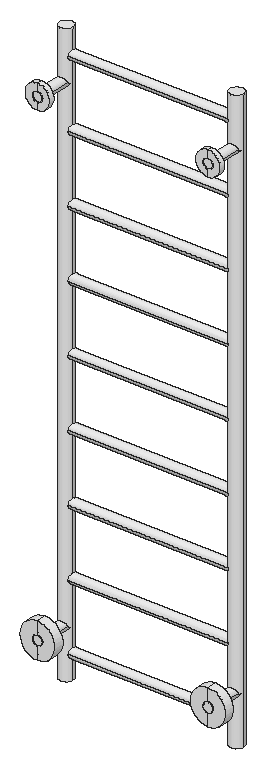
Revit family "LS-9", category Generic Models, host Wall, Revit 2017
Family settings
  Host = Wall
  Can host rebar = No
  Round Connector Dimension = Use Diameter
  Part Type = Normal
  Always vertical = Yes
  Cut with Voids When Loaded = No
  Shared = No
  Room Calculation Point = No
Parameters (values of type "350")
  URL = "http://www.sentakia.com/vesikiertoiset-pyyhekuivaimet/"
  Teho = "kromi: 147 W maalattu: 191 W"
  Sentakia_Material_Default = Stainless Steel, Polished_sentakia
  RAL-väri [instance] = no
  RAL-koodi [instance] = ""
  Model = "LS-9/350"
  Materiaali = "kromattu messinki (CuZn36As)"
  Manufacturer = "Sentakia Oy"
  Leveys = 350 mm
  LVI = "5489965"
  Keynote = "6120"
  Kenkäkoukkupari [instance] = no
  Height = 1200 mm  # constant formula
  ELO-600 kromi [instance] = no
  EAN = "4770046007504"
  Depth = 88 mm  # constant formula
  Assembly Code = ""
  2-osainen koukku pitkä [instance] = no
  2-osainen koukku lyhyt [instance] = no
Types (3, lengths in mm): name | Teho | Model | Leveys | LVI | EAN
  350 | "kromi: 147 W maalattu: 191 W" | "LS-9/350" | 350 | "5489965" | "4770046007504"
  500 | "kromi: 164 W maalattu: 213 W" | "LS-9/500" | 500 | "5489966" | "4770046007511"
  600 | "kromi: 176 W maalattu: 228 W" | "LS-9/600" | 600 | "5489967" | "4770046007528"
Reference planes
  plane 1 "Wall": y = 0
  plane 2 "Center (Left/Right)": x = 125
  plane 3 "Back": y = 75
  plane 4: z = 1900
  plane 5: y = 163
  plane 6: y = 135
  plane 7 "Center of lower handler": z = 800
  plane 8: z = 1800
  plane 9: z = 810
  plane 10: z = 790
  plane 11 "r": x = 300
  plane 12 "l": x = -50
  plane 13: y = 149
  plane 14: y = 159
  plane 15: y = 139
  plane 16 "Tikas1": z = 1300
  plane 17 "Tikas2": z = 1025
  plane 18 "Tikas3": z = 887.5
  plane 19 "Tikas4": z = 750
  plane 20 "Bottom": z = 700
  plane 21: z = 1162.5
  plane 22: z = 1575
  plane 23: z = 1850
  plane 24: z = 1437.5
  plane 25: z = 1712.5
Forms (mm)
  Extrusion 1, solid, material "Stainless Steel, Polished_sentakia" <- "Sentakia_Material_Default", detail levels medium+fine
    sketch origin (0, 0, 0) x (1, 0, 0) y (0, 0, 1)
      loop
        circle (300, 800) r 10
    from -149 to -75
  Extrusion 2, solid, material "Stainless Steel, Polished_sentakia" <- "Sentakia_Material_Default", detail levels medium+fine
    sketch origin (0, 0, 0) x (1, 0, 0) y (0, 0, 1)
      loop
        circle (-50, 800) r 10
    from -149 to -75
  Extrusion 3, solid, material "Stainless Steel, Polished_sentakia" <- "Sentakia_Material_Default", detail levels medium+fine
    sketch origin (0, 0, 310) x (1, 0, 0) y (0, 0, 1)
      loop
        circle (-50, 1490) r 10
    from -149 to -75
  Extrusion 4, solid, material "Stainless Steel, Polished_sentakia" <- "Sentakia_Material_Default", detail levels medium+fine
    sketch origin (0, 0, 0) x (1, 0, 0) y (0, 1, 0)
      loop
        circle (-50, 149) r 14
    from 700 to 1900
  Extrusion 5, solid, material "Stainless Steel, Polished_sentakia" <- "Sentakia_Material_Default", detail levels medium+fine
    sketch origin (0, 0, 0) x (1, 0, 0) y (0, 1, 0)
      loop
        circle (300, 149) r 14
    from 700 to 1900
  Revolve 6, solid, material "Stainless Steel, Polished_sentakia" <- "Sentakia_Material_Default", detail levels medium+fine
    sketch origin (300, 0, 0) x (0, 0, 1) y (0, 1, 0)
      loop
        line (810, 75.434) -> (836, 75.434) -> (836, 94.219) -> (810, 109.219) -> (810, 75.434)
      axis (800, 75.434) -> (800, 109.219)
    angle from 0 to 360
  Revolve 7, solid, material "Stainless Steel, Polished_sentakia" <- "Sentakia_Material_Default", detail levels medium+fine
    sketch origin (-50, 0, 0) x (0, 0, 1) y (0, 1, 0)
      loop
        line (810, 75) -> (836, 75) -> (836, 94.219) -> (810, 109.219) -> (810, 75)
      axis (800, 75) -> (800, 109.219)
    angle from 0 to 360
  Extrusion 8, solid, material "Stainless Steel, Polished_sentakia" <- "Sentakia_Material_Default", detail levels medium+fine
    sketch origin (125, 0, 0) x (0, 1, 0) y (0, 0, 1)
      loop
        circle (149, 1300) r 10
    from -175 to 175
  Extrusion 9, solid, material "Stainless Steel, Polished_sentakia" <- "Sentakia_Material_Default", detail levels medium+fine
    sketch origin (125, 0, -160) x (0, 1, 0) y (0, 0, 1)
      loop
        circle (149, 1185) r 10
    from -175 to 175
  Extrusion 10, solid, material "Stainless Steel, Polished_sentakia" <- "Sentakia_Material_Default", detail levels medium+fine
    sketch origin (125, 0, -320) x (0, 1, 0) y (0, 0, 1)
      loop
        circle (149, 1207.5) r 10
    from -175 to 175
  Revolve 11, solid, material "Stainless Steel, Polished_sentakia" <- "Sentakia_Material_Default", detail levels medium+fine
    sketch origin (300, 0, 0) x (0, 0, 1) y (0, 1, 0)
      loop
        line (1810, 75) -> (1825, 75) -> (1825, 85) -> (1810, 85) -> (1810, 75)
      axis (1800, 75) -> (1800, 85)
    angle from 0 to 360
  Revolve 12, solid, material "Stainless Steel, Polished_sentakia" <- "Sentakia_Material_Default", detail levels medium+fine
    sketch origin (-50, 0, 0) x (0, 0, 1) y (0, 1, 0)
      loop
        line (1810, 75) -> (1825, 75) -> (1825, 85) -> (1810, 85) -> (1810, 75)
      axis (1800, 75) -> (1800, 85)
    angle from 0 to 360
  Extrusion 13, solid, material "Stainless Steel, Polished_sentakia" <- "Sentakia_Material_Default", detail levels medium+fine
    sketch origin (0, 0, 0) x (1, 0, 0) y (0, 0, 1)
      loop
        circle (300, 1800) r 10
    from -149 to -75
  Extrusion 14, solid, material "Stainless Steel, Polished_sentakia" <- "Sentakia_Material_Default", detail levels medium+fine
    sketch origin (125, 0, -480) x (0, 1, 0) y (0, 0, 1)
      loop
        circle (149, 1230) r 10
    from -175 to 175
  Extrusion 15, solid, material "Stainless Steel, Polished_sentakia" <- "Sentakia_Material_Default", detail levels coarse
    sketch origin (125, 0, 0) x (0, 1, 0) y (0, 0, 1)
      loop
        line (163, 1900) -> (75, 1900) -> (75, 700) -> (163, 700) -> (163, 1900)
    from -175 to 175
  Extrusion 16, solid, material "Stainless Steel, Polished_sentakia" <- "Sentakia_Material_Default", detail levels medium+fine
    sketch origin (125, 0, 22.057) x (0, 1, 0) y (0, 0, 1)
      loop
        circle (149, 1140.443) r 10
    from -175 to 175
  Extrusion 17, solid, material "Stainless Steel, Polished_sentakia" <- "Sentakia_Material_Default", detail levels medium+fine
    sketch origin (125, 0, 153.333) x (0, 1, 0) y (0, 0, 1)
      loop
        circle (149, 1421.667) r 10
    from -175 to 175
  Extrusion 18, solid, material "Stainless Steel, Polished_sentakia" <- "Sentakia_Material_Default", detail levels medium+fine
    sketch origin (125, 0, 306.667) x (0, 1, 0) y (0, 0, 1)
      loop
        circle (149, 1543.333) r 10
    from -175 to 175
  Extrusion 19, solid, material "Stainless Steel, Polished_sentakia" <- "Sentakia_Material_Default", detail levels medium+fine
    sketch origin (125, 0, 213.333) x (0, 1, 0) y (0, 0, 1)
      loop
        circle (149, 1499.167) r 10
    from -175 to 175
  Extrusion 20, solid, material "Stainless Steel, Polished_sentakia" <- "Sentakia_Material_Default", detail levels medium+fine
    sketch origin (125, 0, 73.333) x (0, 1, 0) y (0, 0, 1)
      loop
        circle (149, 1364.167) r 10
    from -175 to 175
Cuts and joins
  joined: Extrusion 4, Extrusion 5, Extrusion 8, Extrusion 9, Extrusion 10, Extrusion 14, Extrusion 16, Extrusion 17, Extrusion 18, Extrusion 19, Extrusion 20
Text (mm)
  text "Placement Side" at (-1848.837, 1116.779, 0), in view "Ref. Level"
  text "Placement side" at (0, 1409.804, 2854.306), in view "Left"
  text "Placement side" at (0, 499.811, 2980.732), in view "Right"
Dimensions and locks
  locked: plane 3 "Back" to host wall
  "Depth": plane 5 to host wall
  locked: plane 5 to plane 6 at 28
  "Leveys": plane 12 "l" to plane 11 "r"
  plane 8 to level = 1800 mm
  locked: host wall to plane 13 at 74
  locked: plane 14 to plane 15 at 20
  plane 20 "Bottom" to plane 7 "Center of lower handler" = 100 mm  (x2)
  plane 4 to plane 8 = 100 mm
  plane 8 to plane 17 "Tikas2" to plane 7 "Center of lower handler" = 775 mm, 225 mm
  equal spacing: plane 12 "l", plane 2 "Center (Left/Right)", plane 11 "r"
  "Height": plane 20 "Bottom" to plane 4
  equal spacing: plane 19 "Tikas4", plane 18 "Tikas3", plane 17 "Tikas2", plane 21, plane 16 "Tikas1", plane 24, plane 22, plane 25, plane 23
  plane 20 "Bottom" to plane 8 = 1100 mm
  locked: plane 8 to plane 4 at 100
  locked: plane 20 "Bottom" to plane 7 "Center of lower handler" at 100
  aligned and locked: plane 1 "Wall" to host wall
  aligned and locked: Extrusion 1 to host wall
  aligned and locked: Extrusion 2 to host wall
  aligned and locked: Extrusion 3 to host wall
  aligned and locked: Extrusion 2 to plane 13
  aligned and locked: Extrusion 1 to Extrusion 2
  aligned and locked: plane 4 to Extrusion 4
  aligned and locked: plane 4 to Extrusion 5
  aligned and locked: plane 12 "l" to Extrusion 8
  aligned and locked: Extrusion 8 to plane 11 "r"
  aligned and locked: Extrusion 10 to plane 11 "r"
  aligned and locked: plane 12 "l" to Extrusion 10
  aligned and locked: Extrusion 9 to plane 11 "r"
  aligned and locked: plane 12 "l" to Extrusion 9
  aligned and locked: Revolve 11 sketch curve to plane 8
  aligned and locked: Revolve 12 sketch curve to plane 8
  aligned and locked: Extrusion 13 to host wall
  aligned and locked: plane 12 "l" to Extrusion 3 sketch curve
  aligned and locked: plane 7 "Center of lower handler" to Revolve 7 sketch curve
  aligned and locked: Revolve 6 sketch curve to plane 7 "Center of lower handler"
  aligned and locked: plane 11 "r" to Extrusion 13 sketch curve
  aligned and locked: plane 8 to Extrusion 13 sketch curve
  aligned and locked: Extrusion 3 to Extrusion 13
  aligned and locked: Extrusion 13 to plane 13
  aligned and locked: plane 3 "Back" to Revolve 7
  aligned and locked: cut or joined group 1 (Extrusion 4, Extrusion 5, Extrusion 8, Extrusion 9, Extrusion 10, Extrusion 14, Extrusion 16, Extrusion 17, Extrusion 18, Extrusion 19, Extrusion 20) to plane 20 "Bottom"  (x2)
  aligned and locked: Extrusion 14 to plane 11 "r"
  aligned and locked: plane 12 "l" to Extrusion 14
  aligned and locked: plane 4 to Extrusion 15
  aligned and locked: Extrusion 15 to cut or joined group 1
  aligned and locked: Extrusion 15 to plane 11 "r"
  aligned and locked: plane 12 "l" to Extrusion 15
  aligned and locked: Extrusion 15 to host wall
  aligned and locked: Extrusion 16 to plane 11 "r"
  aligned and locked: plane 12 "l" to Extrusion 16
  aligned and locked: plane 12 "l" to Extrusion 17
  aligned and locked: Extrusion 17 to plane 11 "r"
  aligned and locked: Extrusion 18 to plane 11 "r"
  aligned and locked: plane 12 "l" to Extrusion 18
  aligned and locked: Extrusion 20 to plane 11 "r"
  aligned and locked: plane 12 "l" to Extrusion 20
  aligned and locked: Extrusion 19 to plane 11 "r"
  aligned and locked: plane 12 "l" to Extrusion 19
Automatic sketch dimensions
  Extrusion 1 sketch curve to plane 7 "Center of lower handler" = 0 mm
  plane 11 "r" to Extrusion 1 sketch curve = 0 mm
  Extrusion 2 sketch curve to plane 7 "Center of lower handler" = 0 mm
  plane 12 "l" to Extrusion 2 sketch curve = 0 mm
  Extrusion 3 sketch curve to plane 8 = 0 mm
  Extrusion 4 sketch curve to plane 12 "l" = 0 mm
  plane 13 to Extrusion 4 sketch curve = 0 mm
  Extrusion 5 sketch curve to plane 11 "r" = 0 mm
  plane 13 to Extrusion 5 sketch curve = 0 mm
  Revolve 6 sketch curve to plane 9 = 0 mm
  plane 9 to Revolve 6 sketch curve = 26 mm
  host wall to Revolve 6 sketch curve = 0.434 mm
  Revolve 6 sketch curve to Revolve 6 sketch curve = 18.785 mm
  plane 6 to Revolve 6 sketch curve = 25.781 mm
  Revolve 6 sketch curve to host wall = 0.781 mm
  Revolve 6 sketch curve to Revolve 6 sketch curve = 12.351 mm
  Revolve 7 sketch curve to plane 9 = 0 mm
  Revolve 7 sketch curve to host wall = 0 mm
  plane 9 to Revolve 7 sketch curve = 26 mm
  host wall to Revolve 7 sketch curve = 19.219 mm
  plane 6 to Revolve 7 sketch curve = 25.781 mm
  Revolve 7 sketch curve to host wall = 0.781 mm
  Revolve 7 sketch curve to Revolve 7 sketch curve = 12.351 mm
  Extrusion 8 sketch curve to plane 13 = 0 mm
  Extrusion 8 sketch curve to plane 16 "Tikas1" = 0 mm
  Extrusion 9 sketch curve to plane 13 = 0 mm
  Extrusion 9 sketch curve to plane 17 "Tikas2" = 0 mm
  Extrusion 10 sketch curve to plane 13 = 0 mm
  plane 18 "Tikas3" to Extrusion 10 sketch curve = 0 mm
  Revolve 11 sketch curve to host wall = 0 mm  (x2)
  plane 8 to Revolve 11 sketch curve = 10 mm
  Revolve 11 sketch curve to Revolve 11 sketch curve = 15 mm
  host wall to Revolve 11 sketch curve = 10 mm
  plane 6 to Revolve 11 sketch curve = 20 mm
  Revolve 12 sketch curve to host wall = 0 mm  (x2)
  Revolve 12 sketch curve to Revolve 12 sketch curve = 10 mm
  Revolve 12 sketch curve to Revolve 12 sketch curve = 15 mm
  host wall to Revolve 12 sketch curve = 10 mm
  plane 6 to Revolve 12 sketch curve = 20 mm
  Extrusion 14 sketch curve to plane 13 = 0 mm
  plane 19 "Tikas4" to Extrusion 14 sketch curve = 0 mm
  Extrusion 15 sketch curve to host wall = 0 mm
  Extrusion 15 sketch curve to plane 5 = 0 mm
  Extrusion 15 sketch curve to plane 20 "Bottom" = 0 mm
  Extrusion 15 sketch curve to plane 4 = 0 mm
  Extrusion 16 sketch curve to plane 13 = 0 mm
  Extrusion 16 sketch curve to plane 21 = 0 mm
  Extrusion 17 sketch curve to plane 13 = 0 mm
  Extrusion 17 sketch curve to plane 22 = 0 mm
  Extrusion 18 sketch curve to plane 13 = 0 mm
  Extrusion 18 sketch curve to plane 23 = 0 mm
  Extrusion 19 sketch curve to plane 13 = 0 mm
  Extrusion 19 sketch curve to plane 25 = 0 mm
  Extrusion 20 sketch curve to plane 13 = 0 mm
  Extrusion 20 sketch curve to plane 24 = 0 mm
  radius of Extrusion 1 sketch curve = 10 mm
  radius of Extrusion 2 sketch curve = 10 mm
  radius of Extrusion 3 sketch curve = 10 mm
  radius of Extrusion 4 sketch curve = 14 mm
  radius of Extrusion 5 sketch curve = 14 mm
  radius of Extrusion 8 sketch curve = 10 mm
  radius of Extrusion 9 sketch curve = 10 mm
  radius of Extrusion 10 sketch curve = 10 mm
  radius of Extrusion 13 sketch curve = 10 mm
  radius of Extrusion 14 sketch curve = 10 mm
  radius of Extrusion 16 sketch curve = 10 mm
  radius of Extrusion 17 sketch curve = 10 mm
  radius of Extrusion 18 sketch curve = 10 mm
  radius of Extrusion 19 sketch curve = 10 mm
  radius of Extrusion 20 sketch curve = 10 mm
Connectors
  piping at (300, 75, 800), diameter 12
    settings: on Extrusion 1, index 1, connector inside diameter 609.6 mm, connector length 0 mm, flow factor 0, pipe flow 0.0 L/s, pressure drop 0.0 Pa, fitting loss kfactor 0, connector angle 0.00°, fixture units 0, engagement length 0 mm, angle of deflection 0.00°, flow configuration 0, flow direction 0, fitting loss method 0, system type 22, joint type 0, gender type 0, connector reference index -1, connector utility 0, adjustable connector no, is connector primary yes, connector description ""
  piping at (300, 75, 800), diameter 12
    settings: on Extrusion 1, index 2, connector inside diameter 609.6 mm, connector length 0 mm, flow factor 0, pipe flow 0.0 L/s, pressure drop 0.0 Pa, fitting loss kfactor 0, connector angle 0.00°, fixture units 0, engagement length 0 mm, angle of deflection 0.00°, flow configuration 0, flow direction 0, fitting loss method 0, system type 22, joint type 0, gender type 0, connector reference index -1, connector utility 0, adjustable connector no, is connector primary no, connector description ""
  piping at (-50, 75, 800), diameter 12
    settings: on Extrusion 2, index 3, connector inside diameter 609.6 mm, connector length 0 mm, flow factor 0, pipe flow 0.0 L/s, pressure drop 0.0 Pa, fitting loss kfactor 0, connector angle 0.00°, fixture units 0, engagement length 0 mm, angle of deflection 0.00°, flow configuration 0, flow direction 0, fitting loss method 0, system type 22, joint type 0, gender type 0, connector reference index -1, connector utility 0, adjustable connector no, is connector primary no, connector description ""
